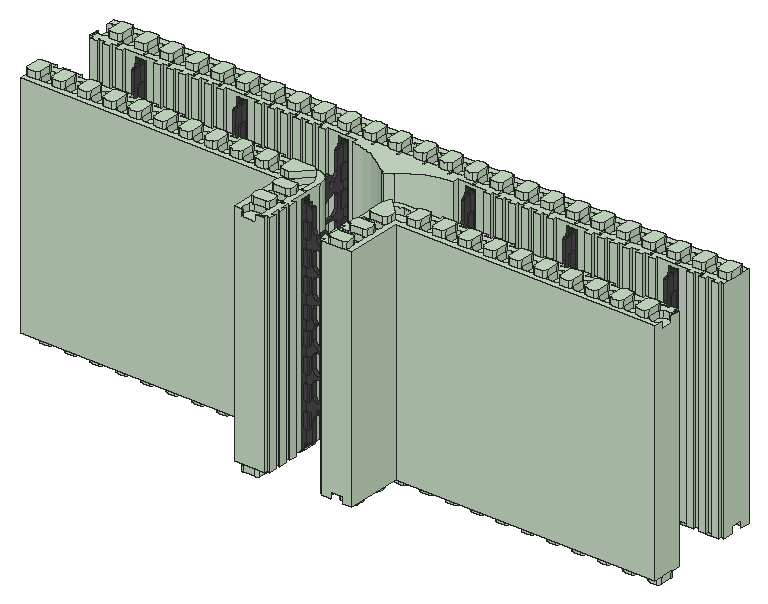
Revit family (continued)
Definition of nested family "NUDURA Logo Diamond"
  Lines and regions (mm)
    model lines
      curve 110: line (289.468, 0, 101.626) -> (295.497, 0, 107.655)
      curve 111: line (300.245, 0, 81.87) -> (291.265, 0, 90.85)
      curve 112: line (318.205, 0, 90.85) -> (309.225, 0, 81.87)
      curve 113: line (309.225, 0, 108.811) -> (318.205, 0, 99.83)
      curve 114: line (291.265, 0, 99.83) -> (300.245, 0, 108.811)
      curve 115: arc (289.468, 0, 89.054) -> (286.865, 0, 95.34) -> (289.468, 0, 101.626) r 8.89
      curve 116: arc (291.265, 0, 90.85) -> (289.405, 0, 95.34) -> (291.265, 0, 99.83) r 6.35
      curve 117: arc (318.205, 0, 90.85) -> (320.065, 0, 95.34) -> (318.205, 0, 99.83) r 6.35
      curve 118: arc (309.225, 0, 108.811) -> (304.735, 0, 110.671) -> (300.245, 0, 108.811) r 6.35
      curve 119: arc (300.245, 0, 81.87) -> (304.735, 0, 80.01) -> (309.225, 0, 81.87) r 6.35
      curve 120: arc (320.001, 0, 89.054) -> (322.605, 0, 95.34) -> (320.001, 0, 101.626) r 8.89
      curve 121: line (295.497, 0, 83.025) -> (289.468, 0, 89.054)
      curve 122: arc (295.497, 0, 107.655) -> (298.287, 0, 114.39) -> (295.497, 0, 121.125) r 9.525
      curve 123: arc (313.973, 0, 107.655) -> (311.183, 0, 114.39) -> (313.973, 0, 121.125) r 9.525
      curve 124: line (324.683, 0, 131.836) -> (313.973, 0, 121.125)
      curve 125: line (284.787, 0, 131.836) -> (286.583, 0, 133.632)
      curve 126: arc (300.245, 0, 119.97) -> (304.735, 0, 118.11) -> (309.225, 0, 119.97) r 6.35
      curve 127: line (314.26, 0, 317.59) -> (295.21, 0, 317.59)
      curve 128: line (323.785, 0, 149.315) -> (323.785, 0, 308.065)
      curve 129: line (285.685, 0, 308.065) -> (285.685, 0, 149.315)
      curve 130: line (295.21, 0, 139.79) -> (314.26, 0, 139.79)
      curve 131: line (316.797, 0, 304.89) -> (305.798, 0, 311.24)
      curve 132: line (316.797, 0, 292.19) -> (316.797, 0, 304.89)
      curve 133: line (311.298, 0, 289.015) -> (316.797, 0, 292.19)
      curve 134: line (305.373, 0, 292.436) -> (311.298, 0, 289.015)
      curve 135: line (310.447, 0, 295.365) -> (305.373, 0, 292.436)
      curve 136: line (299.874, 0, 307.82) -> (310.447, 0, 301.715)
      curve 137: line (310.447, 0, 301.715) -> (310.447, 0, 295.365)
      curve 138: line (305.798, 0, 311.24) -> (299.874, 0, 307.82)
      curve 139: line (299.023, 0, 295.611) -> (304.097, 0, 298.54)
      curve 140: line (304.097, 0, 298.54) -> (298.172, 0, 301.961)
      curve 141: line (298.172, 0, 301.961) -> (292.673, 0, 298.786)
      curve 142: line (292.673, 0, 298.786) -> (292.673, 0, 286.086)
      curve 143: line (299.023, 0, 289.261) -> (299.023, 0, 295.611)
      curve 144: line (309.596, 0, 283.156) -> (299.023, 0, 289.261)
      curve 145: line (303.671, 0, 279.736) -> (309.596, 0, 283.156)
      curve 146: line (292.673, 0, 286.086) -> (303.671, 0, 279.736)
      curve 147: line (312.702, 0, 269.344) -> (296.768, 0, 272.912)
      curve 148: line (296.768, 0, 272.912) -> (296.768, 0, 267.036)
      curve 149: line (296.768, 0, 267.036) -> (308.089, 0, 264.517)
      curve 150: line (308.089, 0, 264.517) -> (296.768, 0, 260.949)
      curve 151: line (296.768, 0, 260.949) -> (296.768, 0, 251.084)
      curve 152: line (296.768, 0, 251.084) -> (309.138, 0, 248.314)
      curve 153: line (309.138, 0, 248.314) -> (309.138, 0, 247.516)
      curve 154: line (309.138, 0, 247.516) -> (301.281, 0, 248.991)
      curve 155: line (296.768, 0, 245.246) -> (296.768, 0, 237.71)
      curve 156: line (306.598, 0, 222.094) -> (306.598, 0, 228.599)
      curve 157: line (306.598, 0, 228.599) -> (296.768, 0, 230.786)
      curve 158: line (296.768, 0, 230.786) -> (296.768, 0, 215.343)
      curve 159: line (302.723, 0, 230.274) -> (312.702, 0, 228.039)
      curve 160: line (300.341, 0, 217.291) -> (300.341, 0, 223.486)
      curve 161: line (300.341, 0, 223.486) -> (306.598, 0, 222.094)
      curve 162: line (296.768, 0, 205.027) -> (296.768, 0, 197.49)
      curve 163: line (302.723, 0, 190.055) -> (310.162, 0, 188.389)
      curve 164: line (310.162, 0, 188.389) -> (310.162, 0, 176.633)
      curve 165: line (308.892, 0, 175.363) -> (307.868, 0, 175.363)
      curve 166: line (306.598, 0, 176.633) -> (306.598, 0, 180.004)
      curve 167: line (306.598, 0, 180.004) -> (307.868, 0, 179.719)
      curve 168: line (307.868, 0, 179.719) -> (307.868, 0, 186.3)
      curve 169: line (307.868, 0, 186.3) -> (296.768, 0, 188.785)
      curve 170: line (296.768, 0, 188.785) -> (296.768, 0, 182.205)
      curve 171: line (296.768, 0, 182.205) -> (304.058, 0, 180.572)
      curve 172: line (304.058, 0, 180.572) -> (304.058, 0, 177.654)
      curve 173: line (302.788, 0, 176.384) -> (296.768, 0, 176.384)
      curve 174: line (296.768, 0, 176.384) -> (296.768, 0, 164.003)
      curve 175: line (296.768, 0, 164.003) -> (299.284, 0, 162.219)
      curve 176: line (299.284, 0, 162.219) -> (299.284, 0, 153.715)
      curve 177: line (307.942, 0, 156.079) -> (301.824, 0, 160.418)
      curve 178: line (301.824, 0, 160.418) -> (301.824, 0, 154.409)
      curve 179: line (301.824, 0, 154.409) -> (307.942, 0, 156.079)
      curve 180: line (299.284, 0, 153.715) -> (296.768, 0, 153.028)
      curve 181: line (296.768, 0, 153.028) -> (296.768, 0, 146.14)
      curve 182: line (296.768, 0, 146.14) -> (312.702, 0, 150.491)
      curve 183: line (312.702, 0, 150.491) -> (312.702, 0, 159.713)
      curve 184: line (312.702, 0, 159.713) -> (298.767, 0, 169.594)
      curve 185: line (298.767, 0, 169.594) -> (302.342, 0, 169.594)
      curve 186: line (312.702, 0, 172.383) -> (312.702, 0, 193.945)
      curve 187: line (312.702, 0, 193.945) -> (302.326, 0, 196.268)
      curve 188: line (300.341, 0, 198.747) -> (300.341, 0, 201.381)
      curve 189: line (301.888, 0, 202.62) -> (312.702, 0, 200.199)
      curve 190: line (312.702, 0, 200.199) -> (312.702, 0, 206.628)
      curve 191: line (312.702, 0, 206.628) -> (306.843, 0, 207.728)
      curve 192: line (312.702, 0, 212.942) -> (312.702, 0, 227.241)
      curve 193: line (312.702, 0, 227.241) -> (309.138, 0, 228.034)
      curve 194: line (309.138, 0, 228.034) -> (309.138, 0, 217.291)
      curve 195: line (312.702, 0, 228.039) -> (312.702, 0, 234.164)
      curve 196: line (312.702, 0, 234.164) -> (302.326, 0, 236.488)
      curve 197: line (300.341, 0, 238.966) -> (300.341, 0, 241.6)
      curve 198: line (301.736, 0, 242.874) -> (312.702, 0, 240.418)
      curve 199: line (312.702, 0, 240.418) -> (312.702, 0, 253.611)
      curve 200: line (312.702, 0, 253.611) -> (302.429, 0, 255.912)
      curve 201: line (302.429, 0, 255.912) -> (312.702, 0, 259.27)
      curve 202: line (312.702, 0, 259.27) -> (312.702, 0, 269.344)
      curve 203: arc (296.768, 0, 245.246) -> (298.145, 0, 248.178) -> (301.281, 0, 248.991) r 3.81
      curve 204: arc (296.768, 0, 237.71) -> (298.44, 0, 232.946) -> (302.723, 0, 230.274) r 7.62
      curve 205: arc (300.842, 0, 208.826) -> (297.87, 0, 211.5) -> (296.768, 0, 215.343) r 7.251
      curve 206: arc (296.768, 0, 205.027) -> (297.979, 0, 207.812) -> (300.842, 0, 208.826) r 3.808
      curve 207: arc (296.768, 0, 197.49) -> (298.44, 0, 192.727) -> (302.723, 0, 190.055) r 7.62
      curve 208: arc (300.341, 0, 198.747) -> (300.898, 0, 197.159) -> (302.326, 0, 196.268) r 2.54
      curve 209: arc (300.341, 0, 201.381) -> (300.817, 0, 202.372) -> (301.888, 0, 202.62) r 1.27
      curve 210: arc (307.868, 0, 175.363) -> (306.969, 0, 175.735) -> (306.598, 0, 176.633) r 1.27
      curve 211: arc (308.892, 0, 175.363) -> (309.79, 0, 175.735) -> (310.162, 0, 176.633) r 1.27
      curve 212: arc (304.058, 0, 177.654) -> (303.686, 0, 176.756) -> (302.788, 0, 176.384) r 1.27
      curve 213: arc (302.342, 0, 169.594) -> (303.976, 0, 170.198) -> (304.826, 0, 171.718) r 2.516
      curve 214: arc (304.826, 0, 171.718) -> (309.07, 0, 168.432) -> (312.702, 0, 172.383) r 3.966
      curve 215: arc (306.843, 0, 207.728) -> (310.942, 0, 209.02) -> (312.702, 0, 212.942) r 5.249
      curve 216: arc (300.341, 0, 217.291) -> (304.739, 0, 212.893) -> (309.138, 0, 217.291) r 4.398
      curve 217: arc (300.341, 0, 238.966) -> (300.898, 0, 237.378) -> (302.326, 0, 236.488) r 2.54
      curve 218: arc (300.341, 0, 241.6) -> (300.886, 0, 242.648) -> (302.057, 0, 242.802) r 1.279
      curve 219: arc (285.685, 0, 308.065) -> (288.475, 0, 314.8) -> (295.21, 0, 317.59) r 9.525
      curve 220: arc (314.26, 0, 317.59) -> (320.995, 0, 314.8) -> (323.785, 0, 308.065) r 9.525
      curve 221: arc (285.685, 0, 149.315) -> (288.475, 0, 142.58) -> (295.21, 0, 139.79) r 9.525
      curve 222: arc (314.26, 0, 139.79) -> (320.995, 0, 142.58) -> (323.785, 0, 149.315) r 9.525
      curve 223: line (253.935, 0, 457.2) -> (253.935, 0, 0)
      curve 224: line (355.535, 0, 457.2) -> (355.535, 0, 0)
      curve 225: line (406.335, 0, 457.2) -> (406.335, 0, 0)
Definition of nested family "NUDURA Diamond Pattern"
  Reference planes
    plane 1 "Center (Front/Back)": y = 0
    plane 2: z = 0
    plane 3 "Center (Left/Right)": x = 0
    plane 4: z = 457.2
  Lines and regions (mm)
    model lines
      curve 1: line (203.2, -142.875, 457.2) -> (203.2, -142.875, 0)
      curve 2: line (152.4, -142.875, 457.2) -> (152.4, -142.875, 0)
      curve 3: line (50.8, -142.875, 457.2) -> (50.8, -142.875, 0)
      curve 4: line (85.183, -142.875, 431.415) -> (93.906, -142.875, 422.692)
      curve 5: arc (85.183, -142.875, 444.885) -> (82.394, -142.875, 438.15) -> (85.183, -142.875, 431.415) r 9.525
      curve 6: line (94.708, -142.875, 454.41) -> (85.183, -142.875, 444.885)
      curve 7: arc (108.179, -142.875, 454.41) -> (101.444, -142.875, 457.2) -> (94.708, -142.875, 454.41) r 9.525
      curve 8: line (117.704, -142.875, 444.885) -> (108.179, -142.875, 454.41)
      curve 9: arc (117.704, -142.875, 431.415) -> (120.494, -142.875, 438.15) -> (117.704, -142.875, 444.885) r 9.525
      curve 10: line (108.981, -142.875, 422.692) -> (117.704, -142.875, 431.415)
      curve 11: arc (105.934, -142.875, 452.165) -> (101.444, -142.875, 454.025) -> (96.953, -142.875, 452.165) r 6.35
      curve 12: line (115.459, -142.875, 442.64) -> (105.934, -142.875, 452.165)
      curve 13: arc (115.459, -142.875, 433.66) -> (117.319, -142.875, 438.15) -> (115.459, -142.875, 442.64) r 6.35
      curve 14: line (105.934, -142.875, 424.135) -> (115.459, -142.875, 433.66)
      curve 15: arc (96.953, -142.875, 424.135) -> (101.444, -142.875, 422.275) -> (105.934, -142.875, 424.135) r 6.35
      curve 16: line (87.428, -142.875, 433.66) -> (96.953, -142.875, 424.135)
      curve 17: arc (87.428, -142.875, 442.64) -> (85.569, -142.875, 438.15) -> (87.428, -142.875, 433.66) r 6.35
      curve 18: line (96.953, -142.875, 452.165) -> (87.428, -142.875, 442.64)
      curve 19: arc (93.906, -142.875, 415.508) -> (95.394, -142.875, 419.1) -> (93.906, -142.875, 422.692) r 5.08
      curve 20: line (117.704, -142.875, 406.785) -> (108.981, -142.875, 415.508)
      curve 21: arc (117.704, -142.875, 393.315) -> (120.494, -142.875, 400.05) -> (117.704, -142.875, 406.785) r 9.525
      curve 22: line (108.981, -142.875, 384.592) -> (117.704, -142.875, 393.315)
      curve 23: line (85.183, -142.875, 393.315) -> (93.906, -142.875, 384.592)
      curve 24: arc (85.183, -142.875, 406.785) -> (82.394, -142.875, 400.05) -> (85.183, -142.875, 393.315) r 9.525
      curve 25: line (93.906, -142.875, 415.508) -> (85.183, -142.875, 406.785)
      curve 26: arc (105.934, -142.875, 414.065) -> (101.444, -142.875, 415.925) -> (96.953, -142.875, 414.065) r 6.35
      curve 27: line (96.953, -142.875, 414.065) -> (87.428, -142.875, 404.54)
      curve 28: arc (87.428, -142.875, 404.54) -> (85.569, -142.875, 400.05) -> (87.428, -142.875, 395.56) r 6.35
      curve 29: line (87.428, -142.875, 395.56) -> (96.953, -142.875, 386.035)
      curve 30: arc (96.953, -142.875, 386.035) -> (101.444, -142.875, 384.175) -> (105.934, -142.875, 386.035) r 6.35
      curve 31: line (105.934, -142.875, 386.035) -> (115.459, -142.875, 395.56)
      curve 32: arc (115.459, -142.875, 395.56) -> (117.319, -142.875, 400.05) -> (115.459, -142.875, 404.54) r 6.35
      curve 33: line (115.459, -142.875, 404.54) -> (105.934, -142.875, 414.065)
      curve 34: arc (93.906, -142.875, 377.408) -> (95.394, -142.875, 381) -> (93.906, -142.875, 384.592) r 5.08
      curve 35: line (117.704, -142.875, 368.685) -> (108.981, -142.875, 377.408)
      curve 36: arc (117.704, -142.875, 355.215) -> (120.494, -142.875, 361.95) -> (117.704, -142.875, 368.685) r 9.525
      curve 37: line (108.981, -142.875, 346.492) -> (117.704, -142.875, 355.215)
      curve 38: line (85.183, -142.875, 355.215) -> (93.906, -142.875, 346.492)
      curve 39: arc (85.183, -142.875, 368.685) -> (82.394, -142.875, 361.95) -> (85.183, -142.875, 355.215) r 9.525
      curve 40: line (93.906, -142.875, 377.408) -> (85.183, -142.875, 368.685)
      curve 41: arc (105.934, -142.875, 375.965) -> (101.444, -142.875, 377.825) -> (96.953, -142.875, 375.965) r 6.35
      curve 42: line (96.953, -142.875, 375.965) -> (87.428, -142.875, 366.44)
      curve 43: arc (87.428, -142.875, 366.44) -> (85.569, -142.875, 361.95) -> (87.428, -142.875, 357.46) r 6.35
      curve 44: line (87.428, -142.875, 357.46) -> (96.953, -142.875, 347.935)
      curve 45: arc (96.953, -142.875, 347.935) -> (101.444, -142.875, 346.075) -> (105.934, -142.875, 347.935) r 6.35
      curve 46: line (105.934, -142.875, 347.935) -> (115.459, -142.875, 357.46)
      curve 47: arc (115.459, -142.875, 357.46) -> (117.319, -142.875, 361.95) -> (115.459, -142.875, 366.44) r 6.35
      curve 48: line (115.459, -142.875, 366.44) -> (105.934, -142.875, 375.965)
      curve 49: arc (93.906, -142.875, 339.308) -> (95.394, -142.875, 342.9) -> (93.906, -142.875, 346.492) r 5.08
      curve 50: line (117.704, -142.875, 330.585) -> (108.981, -142.875, 339.308)
      curve 51: arc (117.704, -142.875, 317.115) -> (120.494, -142.875, 323.85) -> (117.704, -142.875, 330.585) r 9.525
      curve 52: line (108.981, -142.875, 308.392) -> (117.704, -142.875, 317.115)
      curve 53: line (85.183, -142.875, 317.115) -> (93.906, -142.875, 308.392)
      curve 54: arc (85.183, -142.875, 330.585) -> (82.394, -142.875, 323.85) -> (85.183, -142.875, 317.115) r 9.525
      curve 55: line (93.906, -142.875, 339.308) -> (85.183, -142.875, 330.585)
      curve 56: arc (105.934, -142.875, 337.865) -> (101.444, -142.875, 339.725) -> (96.953, -142.875, 337.865) r 6.35
      curve 57: line (96.953, -142.875, 337.865) -> (87.428, -142.875, 328.34)
      curve 58: arc (87.428, -142.875, 328.34) -> (85.569, -142.875, 323.85) -> (87.428, -142.875, 319.36) r 6.35
      curve 59: line (87.428, -142.875, 319.36) -> (96.953, -142.875, 309.835)
      curve 60: arc (96.953, -142.875, 309.835) -> (101.444, -142.875, 307.975) -> (105.934, -142.875, 309.835) r 6.35
      curve 61: line (105.934, -142.875, 309.835) -> (115.459, -142.875, 319.36)
      curve 62: arc (115.459, -142.875, 319.36) -> (117.319, -142.875, 323.85) -> (115.459, -142.875, 328.34) r 6.35
      curve 63: line (115.459, -142.875, 328.34) -> (105.934, -142.875, 337.865)
      curve 64: arc (93.906, -142.875, 301.208) -> (95.394, -142.875, 304.8) -> (93.906, -142.875, 308.392) r 5.08
      curve 65: line (117.704, -142.875, 292.485) -> (108.981, -142.875, 301.208)
      curve 66: arc (117.704, -142.875, 279.015) -> (120.494, -142.875, 285.75) -> (117.704, -142.875, 292.485) r 9.525
      curve 67: line (108.981, -142.875, 270.292) -> (117.704, -142.875, 279.015)
      curve 68: line (85.183, -142.875, 279.015) -> (93.906, -142.875, 270.292)
      curve 69: arc (85.183, -142.875, 292.485) -> (82.394, -142.875, 285.75) -> (85.183, -142.875, 279.015) r 9.525
      curve 70: line (93.906, -142.875, 301.208) -> (85.183, -142.875, 292.485)
      curve 71: arc (105.934, -142.875, 299.765) -> (101.444, -142.875, 301.625) -> (96.953, -142.875, 299.765) r 6.35
      curve 72: line (96.953, -142.875, 299.765) -> (87.428, -142.875, 290.24)
      curve 73: arc (87.428, -142.875, 290.24) -> (85.569, -142.875, 285.75) -> (87.428, -142.875, 281.26) r 6.35
      curve 74: line (87.428, -142.875, 281.26) -> (96.953, -142.875, 271.735)
      curve 75: arc (96.953, -142.875, 271.735) -> (101.444, -142.875, 269.875) -> (105.934, -142.875, 271.735) r 6.35
      curve 76: line (105.934, -142.875, 271.735) -> (115.459, -142.875, 281.26)
      curve 77: arc (115.459, -142.875, 281.26) -> (117.319, -142.875, 285.75) -> (115.459, -142.875, 290.24) r 6.35
      curve 78: line (115.459, -142.875, 290.24) -> (105.934, -142.875, 299.765)
      curve 79: arc (93.906, -142.875, 263.108) -> (95.394, -142.875, 266.7) -> (93.906, -142.875, 270.292) r 5.08
      curve 80: line (117.704, -142.875, 254.385) -> (108.981, -142.875, 263.108)
      curve 81: arc (117.704, -142.875, 240.915) -> (120.494, -142.875, 247.65) -> (117.704, -142.875, 254.385) r 9.525
      curve 82: line (108.981, -142.875, 232.192) -> (117.704, -142.875, 240.915)
      curve 83: line (85.183, -142.875, 240.915) -> (93.906, -142.875, 232.192)
      curve 84: arc (85.183, -142.875, 254.385) -> (82.394, -142.875, 247.65) -> (85.183, -142.875, 240.915) r 9.525
      curve 85: line (93.906, -142.875, 263.108) -> (85.183, -142.875, 254.385)
      curve 86: arc (105.934, -142.875, 261.665) -> (101.444, -142.875, 263.525) -> (96.953, -142.875, 261.665) r 6.35
      curve 87: line (96.953, -142.875, 261.665) -> (87.428, -142.875, 252.14)
      curve 88: arc (87.428, -142.875, 252.14) -> (85.569, -142.875, 247.65) -> (87.428, -142.875, 243.16) r 6.35
      curve 89: line (87.428, -142.875, 243.16) -> (96.953, -142.875, 233.635)
      curve 90: arc (96.953, -142.875, 233.635) -> (101.444, -142.875, 231.775) -> (105.934, -142.875, 233.635) r 6.35
      curve 91: line (105.934, -142.875, 233.635) -> (115.459, -142.875, 243.16)
      curve 92: arc (115.459, -142.875, 243.16) -> (117.319, -142.875, 247.65) -> (115.459, -142.875, 252.14) r 6.35
      curve 93: line (115.459, -142.875, 252.14) -> (105.934, -142.875, 261.665)
      curve 94: arc (93.906, -142.875, 225.008) -> (95.394, -142.875, 228.6) -> (93.906, -142.875, 232.192) r 5.08
      curve 95: line (117.704, -142.875, 216.285) -> (108.981, -142.875, 225.008)
      curve 96: arc (117.704, -142.875, 202.815) -> (120.494, -142.875, 209.55) -> (117.704, -142.875, 216.285) r 9.525
      curve 97: line (108.981, -142.875, 194.092) -> (117.704, -142.875, 202.815)
      curve 98: line (85.183, -142.875, 202.815) -> (93.906, -142.875, 194.092)
      curve 99: arc (85.183, -142.875, 216.285) -> (82.394, -142.875, 209.55) -> (85.183, -142.875, 202.815) r 9.525
      curve 100: line (93.906, -142.875, 225.008) -> (85.183, -142.875, 216.285)
      curve 101: arc (105.934, -142.875, 223.565) -> (101.444, -142.875, 225.425) -> (96.953, -142.875, 223.565) r 6.35
      curve 102: line (96.953, -142.875, 223.565) -> (87.428, -142.875, 214.04)
      curve 103: arc (87.428, -142.875, 214.04) -> (85.569, -142.875, 209.55) -> (87.428, -142.875, 205.06) r 6.35
      curve 104: line (87.428, -142.875, 205.06) -> (96.953, -142.875, 195.535)
      curve 105: arc (96.953, -142.875, 195.535) -> (101.444, -142.875, 193.675) -> (105.934, -142.875, 195.535) r 6.35
      curve 106: line (105.934, -142.875, 195.535) -> (115.459, -142.875, 205.06)
      curve 107: arc (115.459, -142.875, 205.06) -> (117.319, -142.875, 209.55) -> (115.459, -142.875, 214.04) r 6.35
      curve 108: line (115.459, -142.875, 214.04) -> (105.934, -142.875, 223.565)
      curve 109: arc (93.906, -142.875, 186.908) -> (95.394, -142.875, 190.5) -> (93.906, -142.875, 194.092) r 5.08
      curve 110: line (117.704, -142.875, 178.185) -> (108.981, -142.875, 186.908)
      curve 111: arc (117.704, -142.875, 164.715) -> (120.494, -142.875, 171.45) -> (117.704, -142.875, 178.185) r 9.525
      curve 112: line (108.981, -142.875, 155.992) -> (117.704, -142.875, 164.715)
      curve 113: line (85.183, -142.875, 164.715) -> (93.906, -142.875, 155.992)
      curve 114: arc (85.183, -142.875, 178.185) -> (82.394, -142.875, 171.45) -> (85.183, -142.875, 164.715) r 9.525
      curve 115: line (93.906, -142.875, 186.908) -> (85.183, -142.875, 178.185)
      curve 116: arc (105.934, -142.875, 185.465) -> (101.444, -142.875, 187.325) -> (96.953, -142.875, 185.465) r 6.35
      curve 117: line (96.953, -142.875, 185.465) -> (87.428, -142.875, 175.94)
      curve 118: arc (87.428, -142.875, 175.94) -> (85.569, -142.875, 171.45) -> (87.428, -142.875, 166.96) r 6.35
      curve 119: line (87.428, -142.875, 166.96) -> (96.953, -142.875, 157.435)
      curve 120: arc (96.953, -142.875, 157.435) -> (101.444, -142.875, 155.575) -> (105.934, -142.875, 157.435) r 6.35
      curve 121: line (105.934, -142.875, 157.435) -> (115.459, -142.875, 166.96)
      curve 122: arc (115.459, -142.875, 166.96) -> (117.319, -142.875, 171.45) -> (115.459, -142.875, 175.94) r 6.35
      curve 123: line (115.459, -142.875, 175.94) -> (105.934, -142.875, 185.465)
      curve 124: arc (93.906, -142.875, 148.808) -> (95.394, -142.875, 152.4) -> (93.906, -142.875, 155.992) r 5.08
      curve 125: line (117.704, -142.875, 140.085) -> (108.981, -142.875, 148.808)
      curve 126: arc (117.704, -142.875, 126.615) -> (120.494, -142.875, 133.35) -> (117.704, -142.875, 140.085) r 9.525
      curve 127: line (108.981, -142.875, 117.892) -> (117.704, -142.875, 126.615)
      curve 128: line (85.183, -142.875, 126.615) -> (93.906, -142.875, 117.892)
      curve 129: arc (85.183, -142.875, 140.085) -> (82.394, -142.875, 133.35) -> (85.183, -142.875, 126.615) r 9.525
      curve 130: line (93.906, -142.875, 148.808) -> (85.183, -142.875, 140.085)
      curve 131: arc (105.934, -142.875, 147.365) -> (101.444, -142.875, 149.225) -> (96.953, -142.875, 147.365) r 6.35
      curve 132: line (96.953, -142.875, 147.365) -> (87.428, -142.875, 137.84)
      curve 133: arc (87.428, -142.875, 137.84) -> (85.569, -142.875, 133.35) -> (87.428, -142.875, 128.86) r 6.35
      curve 134: line (87.428, -142.875, 128.86) -> (96.953, -142.875, 119.335)
      curve 135: arc (96.953, -142.875, 119.335) -> (101.444, -142.875, 117.475) -> (105.934, -142.875, 119.335) r 6.35
      curve 136: line (105.934, -142.875, 119.335) -> (115.459, -142.875, 128.86)
      curve 137: arc (115.459, -142.875, 128.86) -> (117.319, -142.875, 133.35) -> (115.459, -142.875, 137.84) r 6.35
      curve 138: line (115.459, -142.875, 137.84) -> (105.934, -142.875, 147.365)
      curve 139: arc (93.906, -142.875, 110.708) -> (95.394, -142.875, 114.3) -> (93.906, -142.875, 117.892) r 5.08
      curve 140: line (117.704, -142.875, 101.985) -> (108.981, -142.875, 110.708)
      curve 141: arc (117.704, -142.875, 88.515) -> (120.494, -142.875, 95.25) -> (117.704, -142.875, 101.985) r 9.525
      curve 142: line (108.981, -142.875, 79.792) -> (117.704, -142.875, 88.515)
      curve 143: line (85.183, -142.875, 88.515) -> (93.906, -142.875, 79.792)
      curve 144: arc (85.183, -142.875, 101.985) -> (82.394, -142.875, 95.25) -> (85.183, -142.875, 88.515) r 9.525
      curve 145: line (93.906, -142.875, 110.708) -> (85.183, -142.875, 101.985)
      curve 146: arc (105.934, -142.875, 109.265) -> (101.444, -142.875, 111.125) -> (96.953, -142.875, 109.265) r 6.35
      curve 147: line (96.953, -142.875, 109.265) -> (87.428, -142.875, 99.74)
      curve 148: arc (87.428, -142.875, 99.74) -> (85.569, -142.875, 95.25) -> (87.428, -142.875, 90.76) r 6.35
      curve 149: line (87.428, -142.875, 90.76) -> (96.953, -142.875, 81.235)
      curve 150: arc (96.953, -142.875, 81.235) -> (101.444, -142.875, 79.375) -> (105.934, -142.875, 81.235) r 6.35
      curve 151: line (105.934, -142.875, 81.235) -> (115.459, -142.875, 90.76)
      curve 152: arc (115.459, -142.875, 90.76) -> (117.319, -142.875, 95.25) -> (115.459, -142.875, 99.74) r 6.35
      curve 153: line (115.459, -142.875, 99.74) -> (105.934, -142.875, 109.265)
      curve 154: arc (93.906, -142.875, 72.608) -> (95.394, -142.875, 76.2) -> (93.906, -142.875, 79.792) r 5.08
      curve 155: line (117.704, -142.875, 63.885) -> (108.981, -142.875, 72.608)
      curve 156: arc (117.704, -142.875, 50.415) -> (120.494, -142.875, 57.15) -> (117.704, -142.875, 63.885) r 9.525
      curve 157: line (108.981, -142.875, 41.692) -> (117.704, -142.875, 50.415)
      curve 158: line (85.183, -142.875, 50.415) -> (93.906, -142.875, 41.692)
      curve 159: arc (85.183, -142.875, 63.885) -> (82.394, -142.875, 57.15) -> (85.183, -142.875, 50.415) r 9.525
      curve 160: line (93.906, -142.875, 72.608) -> (85.183, -142.875, 63.885)
      curve 161: arc (105.934, -142.875, 71.165) -> (101.444, -142.875, 73.025) -> (96.953, -142.875, 71.165) r 6.35
      curve 162: line (96.953, -142.875, 71.165) -> (87.428, -142.875, 61.64)
      curve 163: arc (87.428, -142.875, 61.64) -> (85.569, -142.875, 57.15) -> (87.428, -142.875, 52.66) r 6.35
      curve 164: line (87.428, -142.875, 52.66) -> (96.953, -142.875, 43.135)
      curve 165: arc (96.953, -142.875, 43.135) -> (101.444, -142.875, 41.275) -> (105.934, -142.875, 43.135) r 6.35
      curve 166: line (105.934, -142.875, 43.135) -> (115.459, -142.875, 52.66)
      curve 167: arc (115.459, -142.875, 52.66) -> (117.319, -142.875, 57.15) -> (115.459, -142.875, 61.64) r 6.35
      curve 168: line (115.459, -142.875, 61.64) -> (105.934, -142.875, 71.165)
      curve 169: arc (93.906, -142.875, 34.508) -> (95.394, -142.875, 38.1) -> (93.906, -142.875, 41.692) r 5.08
      curve 170: line (93.906, -142.875, 34.508) -> (85.183, -142.875, 25.785)
      curve 171: arc (85.183, -142.875, 25.785) -> (82.394, -142.875, 19.05) -> (85.183, -142.875, 12.315) r 9.525
      curve 172: line (85.183, -142.875, 12.315) -> (94.708, -142.875, 2.79)
      curve 173: arc (94.708, -142.875, 2.79) -> (101.444, -142.875, 0) -> (108.179, -142.875, 2.79) r 9.525
      curve 174: line (108.179, -142.875, 2.79) -> (117.704, -142.875, 12.315)
      curve 175: arc (117.704, -142.875, 12.315) -> (120.494, -142.875, 19.05) -> (117.704, -142.875, 25.785) r 9.525
      curve 176: line (117.704, -142.875, 25.785) -> (108.981, -142.875, 34.508)
      curve 177: arc (108.981, -142.875, 41.692) -> (107.493, -142.875, 38.1) -> (108.981, -142.875, 34.508) r 5.08
      curve 178: arc (105.934, -142.875, 33.065) -> (101.444, -142.875, 34.925) -> (96.953, -142.875, 33.065) r 6.35
      curve 179: line (115.459, -142.875, 23.54) -> (105.934, -142.875, 33.065)
      curve 180: arc (115.459, -142.875, 14.56) -> (117.319, -142.875, 19.05) -> (115.459, -142.875, 23.54) r 6.35
      curve 181: line (105.934, -142.875, 5.035) -> (115.459, -142.875, 14.56)
      curve 182: arc (96.953, -142.875, 5.035) -> (101.444, -142.875, 3.175) -> (105.934, -142.875, 5.035) r 6.35
      curve 183: line (87.428, -142.875, 14.56) -> (96.953, -142.875, 5.035)
      curve 184: arc (87.428, -142.875, 23.54) -> (85.569, -142.875, 19.05) -> (87.428, -142.875, 14.56) r 6.35
      curve 185: line (96.953, -142.875, 33.065) -> (87.428, -142.875, 23.54)
      curve 186: arc (108.981, -142.875, 79.792) -> (107.493, -142.875, 76.2) -> (108.981, -142.875, 72.608) r 5.08
      curve 187: arc (108.981, -142.875, 117.892) -> (107.493, -142.875, 114.3) -> (108.981, -142.875, 110.708) r 5.08
      curve 188: arc (108.981, -142.875, 155.992) -> (107.493, -142.875, 152.4) -> (108.981, -142.875, 148.808) r 5.08
      curve 189: arc (108.981, -142.875, 194.092) -> (107.493, -142.875, 190.5) -> (108.981, -142.875, 186.908) r 5.08
      curve 190: arc (108.981, -142.875, 232.192) -> (107.493, -142.875, 228.6) -> (108.981, -142.875, 225.008) r 5.08
      curve 191: arc (108.981, -142.875, 270.292) -> (107.493, -142.875, 266.7) -> (108.981, -142.875, 263.108) r 5.08
      curve 192: arc (108.981, -142.875, 308.392) -> (107.493, -142.875, 304.8) -> (108.981, -142.875, 301.208) r 5.08
      curve 193: arc (108.981, -142.875, 346.492) -> (107.493, -142.875, 342.9) -> (108.981, -142.875, 339.308) r 5.08
      curve 194: arc (108.981, -142.875, 384.592) -> (107.493, -142.875, 381) -> (108.981, -142.875, 377.408) r 5.08
      curve 195: arc (108.981, -142.875, 422.692) -> (107.493, -142.875, 419.1) -> (108.981, -142.875, 415.508) r 5.08
Definition of nested family "NUDURA Diamond Pattern Missing Left Line"
  Reference planes
    plane 1 "Center (Front/Back)": y = 0
    plane 2: z = 0
    plane 3 "Center (Left/Right)": x = 0
    plane 4: z = 457.2
  Lines and regions (mm)
    model lines
      curve 1: line (203.2, -142.875, 457.2) -> (203.2, -142.875, 0)
      curve 2: line (152.4, -142.875, 457.2) -> (152.4, -142.875, 0)
      curve 3: line (85.183, -142.875, 431.415) -> (93.906, -142.875, 422.692)
      curve 4: arc (85.183, -142.875, 444.885) -> (82.394, -142.875, 438.15) -> (85.183, -142.875, 431.415) r 9.525
      curve 5: line (94.708, -142.875, 454.41) -> (85.183, -142.875, 444.885)
      curve 6: arc (108.179, -142.875, 454.41) -> (101.444, -142.875, 457.2) -> (94.708, -142.875, 454.41) r 9.525
      curve 7: line (117.704, -142.875, 444.885) -> (108.179, -142.875, 454.41)
      curve 8: arc (117.704, -142.875, 431.415) -> (120.494, -142.875, 438.15) -> (117.704, -142.875, 444.885) r 9.525
      curve 9: line (108.981, -142.875, 422.692) -> (117.704, -142.875, 431.415)
      curve 10: arc (105.934, -142.875, 452.165) -> (101.444, -142.875, 454.025) -> (96.953, -142.875, 452.165) r 6.35
      curve 11: line (115.459, -142.875, 442.64) -> (105.934, -142.875, 452.165)
      curve 12: arc (115.459, -142.875, 433.66) -> (117.319, -142.875, 438.15) -> (115.459, -142.875, 442.64) r 6.35
      curve 13: line (105.934, -142.875, 424.135) -> (115.459, -142.875, 433.66)
      curve 14: arc (96.953, -142.875, 424.135) -> (101.444, -142.875, 422.275) -> (105.934, -142.875, 424.135) r 6.35
      curve 15: line (87.428, -142.875, 433.66) -> (96.953, -142.875, 424.135)
      curve 16: arc (87.428, -142.875, 442.64) -> (85.569, -142.875, 438.15) -> (87.428, -142.875, 433.66) r 6.35
      curve 17: line (96.953, -142.875, 452.165) -> (87.428, -142.875, 442.64)
      curve 18: arc (93.906, -142.875, 415.508) -> (95.394, -142.875, 419.1) -> (93.906, -142.875, 422.692) r 5.08
      curve 19: line (117.704, -142.875, 406.785) -> (108.981, -142.875, 415.508)
      curve 20: arc (117.704, -142.875, 393.315) -> (120.494, -142.875, 400.05) -> (117.704, -142.875, 406.785) r 9.525
      curve 21: line (108.981, -142.875, 384.592) -> (117.704, -142.875, 393.315)
      curve 22: line (85.183, -142.875, 393.315) -> (93.906, -142.875, 384.592)
      curve 23: arc (85.183, -142.875, 406.785) -> (82.394, -142.875, 400.05) -> (85.183, -142.875, 393.315) r 9.525
      curve 24: line (93.906, -142.875, 415.508) -> (85.183, -142.875, 406.785)
      curve 25: arc (105.934, -142.875, 414.065) -> (101.444, -142.875, 415.925) -> (96.953, -142.875, 414.065) r 6.35
      curve 26: line (96.953, -142.875, 414.065) -> (87.428, -142.875, 404.54)
      curve 27: arc (87.428, -142.875, 404.54) -> (85.569, -142.875, 400.05) -> (87.428, -142.875, 395.56) r 6.35
      curve 28: line (87.428, -142.875, 395.56) -> (96.953, -142.875, 386.035)
      curve 29: arc (96.953, -142.875, 386.035) -> (101.444, -142.875, 384.175) -> (105.934, -142.875, 386.035) r 6.35
      curve 30: line (105.934, -142.875, 386.035) -> (115.459, -142.875, 395.56)
      curve 31: arc (115.459, -142.875, 395.56) -> (117.319, -142.875, 400.05) -> (115.459, -142.875, 404.54) r 6.35
      curve 32: line (115.459, -142.875, 404.54) -> (105.934, -142.875, 414.065)
      curve 33: arc (93.906, -142.875, 377.408) -> (95.394, -142.875, 381) -> (93.906, -142.875, 384.592) r 5.08
      curve 34: line (117.704, -142.875, 368.685) -> (108.981, -142.875, 377.408)
      curve 35: arc (117.704, -142.875, 355.215) -> (120.494, -142.875, 361.95) -> (117.704, -142.875, 368.685) r 9.525
      curve 36: line (108.981, -142.875, 346.492) -> (117.704, -142.875, 355.215)
      curve 37: line (85.183, -142.875, 355.215) -> (93.906, -142.875, 346.492)
      curve 38: arc (85.183, -142.875, 368.685) -> (82.394, -142.875, 361.95) -> (85.183, -142.875, 355.215) r 9.525
      curve 39: line (93.906, -142.875, 377.408) -> (85.183, -142.875, 368.685)
      curve 40: arc (105.934, -142.875, 375.965) -> (101.444, -142.875, 377.825) -> (96.953, -142.875, 375.965) r 6.35
      curve 41: line (96.953, -142.875, 375.965) -> (87.428, -142.875, 366.44)
      curve 42: arc (87.428, -142.875, 366.44) -> (85.569, -142.875, 361.95) -> (87.428, -142.875, 357.46) r 6.35
      curve 43: line (87.428, -142.875, 357.46) -> (96.953, -142.875, 347.935)
      curve 44: arc (96.953, -142.875, 347.935) -> (101.444, -142.875, 346.075) -> (105.934, -142.875, 347.935) r 6.35
      curve 45: line (105.934, -142.875, 347.935) -> (115.459, -142.875, 357.46)
      curve 46: arc (115.459, -142.875, 357.46) -> (117.319, -142.875, 361.95) -> (115.459, -142.875, 366.44) r 6.35
      curve 47: line (115.459, -142.875, 366.44) -> (105.934, -142.875, 375.965)
      curve 48: arc (93.906, -142.875, 339.308) -> (95.394, -142.875, 342.9) -> (93.906, -142.875, 346.492) r 5.08
      curve 49: line (117.704, -142.875, 330.585) -> (108.981, -142.875, 339.308)
      curve 50: arc (117.704, -142.875, 317.115) -> (120.494, -142.875, 323.85) -> (117.704, -142.875, 330.585) r 9.525
      curve 51: line (108.981, -142.875, 308.392) -> (117.704, -142.875, 317.115)
      curve 52: line (85.183, -142.875, 317.115) -> (93.906, -142.875, 308.392)
      curve 53: arc (85.183, -142.875, 330.585) -> (82.394, -142.875, 323.85) -> (85.183, -142.875, 317.115) r 9.525
      curve 54: line (93.906, -142.875, 339.308) -> (85.183, -142.875, 330.585)
      curve 55: arc (105.934, -142.875, 337.865) -> (101.444, -142.875, 339.725) -> (96.953, -142.875, 337.865) r 6.35
      curve 56: line (96.953, -142.875, 337.865) -> (87.428, -142.875, 328.34)
      curve 57: arc (87.428, -142.875, 328.34) -> (85.569, -142.875, 323.85) -> (87.428, -142.875, 319.36) r 6.35
      curve 58: line (87.428, -142.875, 319.36) -> (96.953, -142.875, 309.835)
      curve 59: arc (96.953, -142.875, 309.835) -> (101.444, -142.875, 307.975) -> (105.934, -142.875, 309.835) r 6.35
      curve 60: line (105.934, -142.875, 309.835) -> (115.459, -142.875, 319.36)
      curve 61: arc (115.459, -142.875, 319.36) -> (117.319, -142.875, 323.85) -> (115.459, -142.875, 328.34) r 6.35
      curve 62: line (115.459, -142.875, 328.34) -> (105.934, -142.875, 337.865)
      curve 63: arc (93.906, -142.875, 301.208) -> (95.394, -142.875, 304.8) -> (93.906, -142.875, 308.392) r 5.08
      curve 64: line (117.704, -142.875, 292.485) -> (108.981, -142.875, 301.208)
      curve 65: arc (117.704, -142.875, 279.015) -> (120.494, -142.875, 285.75) -> (117.704, -142.875, 292.485) r 9.525
      curve 66: line (108.981, -142.875, 270.292) -> (117.704, -142.875, 279.015)
      curve 67: line (85.183, -142.875, 279.015) -> (93.906, -142.875, 270.292)
      curve 68: arc (85.183, -142.875, 292.485) -> (82.394, -142.875, 285.75) -> (85.183, -142.875, 279.015) r 9.525
      curve 69: line (93.906, -142.875, 301.208) -> (85.183, -142.875, 292.485)
      curve 70: arc (105.934, -142.875, 299.765) -> (101.444, -142.875, 301.625) -> (96.953, -142.875, 299.765) r 6.35
      curve 71: line (96.953, -142.875, 299.765) -> (87.428, -142.875, 290.24)
      curve 72: arc (87.428, -142.875, 290.24) -> (85.569, -142.875, 285.75) -> (87.428, -142.875, 281.26) r 6.35
      curve 73: line (87.428, -142.875, 281.26) -> (96.953, -142.875, 271.735)
      curve 74: arc (96.953, -142.875, 271.735) -> (101.444, -142.875, 269.875) -> (105.934, -142.875, 271.735) r 6.35
      curve 75: line (105.934, -142.875, 271.735) -> (115.459, -142.875, 281.26)
      curve 76: arc (115.459, -142.875, 281.26) -> (117.319, -142.875, 285.75) -> (115.459, -142.875, 290.24) r 6.35
      curve 77: line (115.459, -142.875, 290.24) -> (105.934, -142.875, 299.765)
      curve 78: arc (93.906, -142.875, 263.108) -> (95.394, -142.875, 266.7) -> (93.906, -142.875, 270.292) r 5.08
      curve 79: line (117.704, -142.875, 254.385) -> (108.981, -142.875, 263.108)
      curve 80: arc (117.704, -142.875, 240.915) -> (120.494, -142.875, 247.65) -> (117.704, -142.875, 254.385) r 9.525
      curve 81: line (108.981, -142.875, 232.192) -> (117.704, -142.875, 240.915)
      curve 82: line (85.183, -142.875, 240.915) -> (93.906, -142.875, 232.192)
      curve 83: arc (85.183, -142.875, 254.385) -> (82.394, -142.875, 247.65) -> (85.183, -142.875, 240.915) r 9.525
      curve 84: line (93.906, -142.875, 263.108) -> (85.183, -142.875, 254.385)
      curve 85: arc (105.934, -142.875, 261.665) -> (101.444, -142.875, 263.525) -> (96.953, -142.875, 261.665) r 6.35
      curve 86: line (96.953, -142.875, 261.665) -> (87.428, -142.875, 252.14)
      curve 87: arc (87.428, -142.875, 252.14) -> (85.569, -142.875, 247.65) -> (87.428, -142.875, 243.16) r 6.35
      curve 88: line (87.428, -142.875, 243.16) -> (96.953, -142.875, 233.635)
      curve 89: arc (96.953, -142.875, 233.635) -> (101.444, -142.875, 231.775) -> (105.934, -142.875, 233.635) r 6.35
      curve 90: line (105.934, -142.875, 233.635) -> (115.459, -142.875, 243.16)
      curve 91: arc (115.459, -142.875, 243.16) -> (117.319, -142.875, 247.65) -> (115.459, -142.875, 252.14) r 6.35
      curve 92: line (115.459, -142.875, 252.14) -> (105.934, -142.875, 261.665)
      curve 93: arc (93.906, -142.875, 225.008) -> (95.394, -142.875, 228.6) -> (93.906, -142.875, 232.192) r 5.08
      curve 94: line (117.704, -142.875, 216.285) -> (108.981, -142.875, 225.008)
      curve 95: arc (117.704, -142.875, 202.815) -> (120.494, -142.875, 209.55) -> (117.704, -142.875, 216.285) r 9.525
      curve 96: line (108.981, -142.875, 194.092) -> (117.704, -142.875, 202.815)
      curve 97: line (85.183, -142.875, 202.815) -> (93.906, -142.875, 194.092)
      curve 98: arc (85.183, -142.875, 216.285) -> (82.394, -142.875, 209.55) -> (85.183, -142.875, 202.815) r 9.525
      curve 99: line (93.906, -142.875, 225.008) -> (85.183, -142.875, 216.285)
      curve 100: arc (105.934, -142.875, 223.565) -> (101.444, -142.875, 225.425) -> (96.953, -142.875, 223.565) r 6.35
      curve 101: line (96.953, -142.875, 223.565) -> (87.428, -142.875, 214.04)
      curve 102: arc (87.428, -142.875, 214.04) -> (85.569, -142.875, 209.55) -> (87.428, -142.875, 205.06) r 6.35
      curve 103: line (87.428, -142.875, 205.06) -> (96.953, -142.875, 195.535)
      curve 104: arc (96.953, -142.875, 195.535) -> (101.444, -142.875, 193.675) -> (105.934, -142.875, 195.535) r 6.35
      curve 105: line (105.934, -142.875, 195.535) -> (115.459, -142.875, 205.06)
      curve 106: arc (115.459, -142.875, 205.06) -> (117.319, -142.875, 209.55) -> (115.459, -142.875, 214.04) r 6.35
      curve 107: line (115.459, -142.875, 214.04) -> (105.934, -142.875, 223.565)
      curve 108: arc (93.906, -142.875, 186.908) -> (95.394, -142.875, 190.5) -> (93.906, -142.875, 194.092) r 5.08
      curve 109: line (117.704, -142.875, 178.185) -> (108.981, -142.875, 186.908)
      curve 110: arc (117.704, -142.875, 164.715) -> (120.494, -142.875, 171.45) -> (117.704, -142.875, 178.185) r 9.525
      curve 111: line (108.981, -142.875, 155.992) -> (117.704, -142.875, 164.715)
      curve 112: line (85.183, -142.875, 164.715) -> (93.906, -142.875, 155.992)
      curve 113: arc (85.183, -142.875, 178.185) -> (82.394, -142.875, 171.45) -> (85.183, -142.875, 164.715) r 9.525
      curve 114: line (93.906, -142.875, 186.908) -> (85.183, -142.875, 178.185)
      curve 115: arc (105.934, -142.875, 185.465) -> (101.444, -142.875, 187.325) -> (96.953, -142.875, 185.465) r 6.35
      curve 116: line (96.953, -142.875, 185.465) -> (87.428, -142.875, 175.94)
      curve 117: arc (87.428, -142.875, 175.94) -> (85.569, -142.875, 171.45) -> (87.428, -142.875, 166.96) r 6.35
      curve 118: line (87.428, -142.875, 166.96) -> (96.953, -142.875, 157.435)
      curve 119: arc (96.953, -142.875, 157.435) -> (101.444, -142.875, 155.575) -> (105.934, -142.875, 157.435) r 6.35
      curve 120: line (105.934, -142.875, 157.435) -> (115.459, -142.875, 166.96)
      curve 121: arc (115.459, -142.875, 166.96) -> (117.319, -142.875, 171.45) -> (115.459, -142.875, 175.94) r 6.35
      curve 122: line (115.459, -142.875, 175.94) -> (105.934, -142.875, 185.465)
      curve 123: arc (93.906, -142.875, 148.808) -> (95.394, -142.875, 152.4) -> (93.906, -142.875, 155.992) r 5.08
      curve 124: line (117.704, -142.875, 140.085) -> (108.981, -142.875, 148.808)
      curve 125: arc (117.704, -142.875, 126.615) -> (120.494, -142.875, 133.35) -> (117.704, -142.875, 140.085) r 9.525
      curve 126: line (108.981, -142.875, 117.892) -> (117.704, -142.875, 126.615)
      curve 127: line (85.183, -142.875, 126.615) -> (93.906, -142.875, 117.892)
      curve 128: arc (85.183, -142.875, 140.085) -> (82.394, -142.875, 133.35) -> (85.183, -142.875, 126.615) r 9.525
      curve 129: line (93.906, -142.875, 148.808) -> (85.183, -142.875, 140.085)
      curve 130: arc (105.934, -142.875, 147.365) -> (101.444, -142.875, 149.225) -> (96.953, -142.875, 147.365) r 6.35
      curve 131: line (96.953, -142.875, 147.365) -> (87.428, -142.875, 137.84)
      curve 132: arc (87.428, -142.875, 137.84) -> (85.569, -142.875, 133.35) -> (87.428, -142.875, 128.86) r 6.35
      curve 133: line (87.428, -142.875, 128.86) -> (96.953, -142.875, 119.335)
      curve 134: arc (96.953, -142.875, 119.335) -> (101.444, -142.875, 117.475) -> (105.934, -142.875, 119.335) r 6.35
      curve 135: line (105.934, -142.875, 119.335) -> (115.459, -142.875, 128.86)
      curve 136: arc (115.459, -142.875, 128.86) -> (117.319, -142.875, 133.35) -> (115.459, -142.875, 137.84) r 6.35
      curve 137: line (115.459, -142.875, 137.84) -> (105.934, -142.875, 147.365)
      curve 138: arc (93.906, -142.875, 110.708) -> (95.394, -142.875, 114.3) -> (93.906, -142.875, 117.892) r 5.08
      curve 139: line (117.704, -142.875, 101.985) -> (108.981, -142.875, 110.708)
      curve 140: arc (117.704, -142.875, 88.515) -> (120.494, -142.875, 95.25) -> (117.704, -142.875, 101.985) r 9.525
      curve 141: line (108.981, -142.875, 79.792) -> (117.704, -142.875, 88.515)
      curve 142: line (85.183, -142.875, 88.515) -> (93.906, -142.875, 79.792)
      curve 143: arc (85.183, -142.875, 101.985) -> (82.394, -142.875, 95.25) -> (85.183, -142.875, 88.515) r 9.525
      curve 144: line (93.906, -142.875, 110.708) -> (85.183, -142.875, 101.985)
      curve 145: arc (105.934, -142.875, 109.265) -> (101.444, -142.875, 111.125) -> (96.953, -142.875, 109.265) r 6.35
      curve 146: line (96.953, -142.875, 109.265) -> (87.428, -142.875, 99.74)
      curve 147: arc (87.428, -142.875, 99.74) -> (85.569, -142.875, 95.25) -> (87.428, -142.875, 90.76) r 6.35
      curve 148: line (87.428, -142.875, 90.76) -> (96.953, -142.875, 81.235)
      curve 149: arc (96.953, -142.875, 81.235) -> (101.444, -142.875, 79.375) -> (105.934, -142.875, 81.235) r 6.35
      curve 150: line (105.934, -142.875, 81.235) -> (115.459, -142.875, 90.76)
      curve 151: arc (115.459, -142.875, 90.76) -> (117.319, -142.875, 95.25) -> (115.459, -142.875, 99.74) r 6.35
      curve 152: line (115.459, -142.875, 99.74) -> (105.934, -142.875, 109.265)
      curve 153: arc (93.906, -142.875, 72.608) -> (95.394, -142.875, 76.2) -> (93.906, -142.875, 79.792) r 5.08
      curve 154: line (117.704, -142.875, 63.885) -> (108.981, -142.875, 72.608)
      curve 155: arc (117.704, -142.875, 50.415) -> (120.494, -142.875, 57.15) -> (117.704, -142.875, 63.885) r 9.525
      curve 156: line (108.981, -142.875, 41.692) -> (117.704, -142.875, 50.415)
      curve 157: line (85.183, -142.875, 50.415) -> (93.906, -142.875, 41.692)
      curve 158: arc (85.183, -142.875, 63.885) -> (82.394, -142.875, 57.15) -> (85.183, -142.875, 50.415) r 9.525
      curve 159: line (93.906, -142.875, 72.608) -> (85.183, -142.875, 63.885)
      curve 160: arc (105.934, -142.875, 71.165) -> (101.444, -142.875, 73.025) -> (96.953, -142.875, 71.165) r 6.35
      curve 161: line (96.953, -142.875, 71.165) -> (87.428, -142.875, 61.64)
      curve 162: arc (87.428, -142.875, 61.64) -> (85.569, -142.875, 57.15) -> (87.428, -142.875, 52.66) r 6.35
      curve 163: line (87.428, -142.875, 52.66) -> (96.953, -142.875, 43.135)
      curve 164: arc (96.953, -142.875, 43.135) -> (101.444, -142.875, 41.275) -> (105.934, -142.875, 43.135) r 6.35
      curve 165: line (105.934, -142.875, 43.135) -> (115.459, -142.875, 52.66)
      curve 166: arc (115.459, -142.875, 52.66) -> (117.319, -142.875, 57.15) -> (115.459, -142.875, 61.64) r 6.35
      curve 167: line (115.459, -142.875, 61.64) -> (105.934, -142.875, 71.165)
      curve 168: arc (93.906, -142.875, 34.508) -> (95.394, -142.875, 38.1) -> (93.906, -142.875, 41.692) r 5.08
      curve 169: line (93.906, -142.875, 34.508) -> (85.183, -142.875, 25.785)
      curve 170: arc (85.183, -142.875, 25.785) -> (82.394, -142.875, 19.05) -> (85.183, -142.875, 12.315) r 9.525
      curve 171: line (85.183, -142.875, 12.315) -> (94.708, -142.875, 2.79)
      curve 172: arc (94.708, -142.875, 2.79) -> (101.444, -142.875, 0) -> (108.179, -142.875, 2.79) r 9.525
      curve 173: line (108.179, -142.875, 2.79) -> (117.704, -142.875, 12.315)
      curve 174: arc (117.704, -142.875, 12.315) -> (120.494, -142.875, 19.05) -> (117.704, -142.875, 25.785) r 9.525
      curve 175: line (117.704, -142.875, 25.785) -> (108.981, -142.875, 34.508)
      curve 176: arc (108.981, -142.875, 41.692) -> (107.493, -142.875, 38.1) -> (108.981, -142.875, 34.508) r 5.08
      curve 177: arc (105.934, -142.875, 33.065) -> (101.444, -142.875, 34.925) -> (96.953, -142.875, 33.065) r 6.35
      curve 178: line (115.459, -142.875, 23.54) -> (105.934, -142.875, 33.065)
      curve 179: arc (115.459, -142.875, 14.56) -> (117.319, -142.875, 19.05) -> (115.459, -142.875, 23.54) r 6.35
      curve 180: line (105.934, -142.875, 5.035) -> (115.459, -142.875, 14.56)
      curve 181: arc (96.953, -142.875, 5.035) -> (101.444, -142.875, 3.175) -> (105.934, -142.875, 5.035) r 6.35
      curve 182: line (87.428, -142.875, 14.56) -> (96.953, -142.875, 5.035)
      curve 183: arc (87.428, -142.875, 23.54) -> (85.569, -142.875, 19.05) -> (87.428, -142.875, 14.56) r 6.35
      curve 184: line (96.953, -142.875, 33.065) -> (87.428, -142.875, 23.54)
      curve 185: arc (108.981, -142.875, 79.792) -> (107.493, -142.875, 76.2) -> (108.981, -142.875, 72.608) r 5.08
      curve 186: arc (108.981, -142.875, 117.892) -> (107.493, -142.875, 114.3) -> (108.981, -142.875, 110.708) r 5.08
      curve 187: arc (108.981, -142.875, 155.992) -> (107.493, -142.875, 152.4) -> (108.981, -142.875, 148.808) r 5.08
      curve 188: arc (108.981, -142.875, 194.092) -> (107.493, -142.875, 190.5) -> (108.981, -142.875, 186.908) r 5.08
      curve 189: arc (108.981, -142.875, 232.192) -> (107.493, -142.875, 228.6) -> (108.981, -142.875, 225.008) r 5.08
      curve 190: arc (108.981, -142.875, 270.292) -> (107.493, -142.875, 266.7) -> (108.981, -142.875, 263.108) r 5.08
      curve 191: arc (108.981, -142.875, 308.392) -> (107.493, -142.875, 304.8) -> (108.981, -142.875, 301.208) r 5.08
      curve 192: arc (108.981, -142.875, 346.492) -> (107.493, -142.875, 342.9) -> (108.981, -142.875, 339.308) r 5.08
      curve 193: arc (108.981, -142.875, 384.592) -> (107.493, -142.875, 381) -> (108.981, -142.875, 377.408) r 5.08
      curve 194: arc (108.981, -142.875, 422.692) -> (107.493, -142.875, 419.1) -> (108.981, -142.875, 415.508) r 5.08
